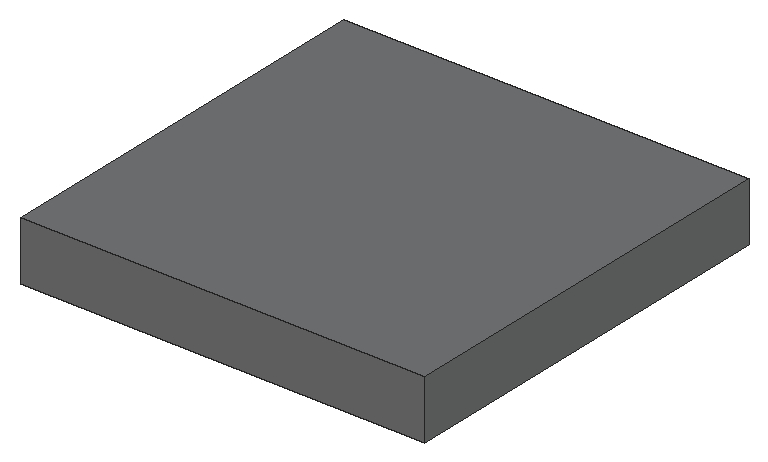
Revit family "Gira_028428", category Electrical Fixtures, host Face, Revit 2017
Family settings
  Host = Face
  Maintain Annotation Orientation = No
  Round Connector Dimension = Use Diameter
  Part Type = Normal
  Cut with Voids When Loaded = No
  Shared = No
  Room Calculation Point = No
Parameters (values of type "Cov. in.sp. UAE/IAE network conn.box System 55 anthra.")
  URL = "http://katalog.gira.de/en/datenblatt.html?artikelnr=028428"
  Transparent = "No"
  Name = "Cov. in.sp. UAE/IAE network conn.box System 55 anthra."
  Manufacturer URL = "https://www.gira.de/"
  Manufacturer = "Gira"
  Keynote = ""
  HeinzeBIM = "https://bimportal.heinze.de/bim/cov-in-sp-uae-iae-network-conn-box-system-55-anthra-/2dd3516e253176a3cf78d5be2bfd8060c945d5ce"
  HAN = "028428"
  GTIN = "4010337284284"
  Description = "Cov.in.sp.UAE IAE network Sys55 AN,Cover for UAE IAE (ISDN) and network connection box,with inscription space,anthracite,Features:,- Cover plate can be broken out.,,Notes :,- Suitable for UAE IAE (ISDN) connection boxes."
  Default Elevation = 1219.2 mm
  Data sheet (1) = "https://katalog.gira.de/en/download.html?artikelnr=028428"
  Category = "Insert/cover for communication technology"
  BIM (1) = "https://media.stage.bim.site/public/gira/36a6b08/Sys55_Abdeckung_Schalten und Tasten.rfa?public/gira/36a6b08/Sys55_Abdeckung_Schalten und Tasten.rfa"
  Available = "No"
  Anthrazit [instance] = Anthrazit
Reference planes
  plane 1 "Center (Front/Back)": y = 0
  plane 2: z = 0
  plane 3 "Center (Left/Right)": x = 0
Forms (mm)
  Extrusion 1, solid, material "Anthrazit" <- "Anthrazit", detail levels fine
    sketch origin (0, 0, 0) x (1, 0, 0) y (0, 1, 0)
      loop
        line (-27.5, 27.5) -> (-27.5, -27.5) -> (27.5, -27.5) -> (27.5, 27.5) -> (-27.5, 27.5)
    from 0 to 8
  Extrusion 2, void
    sketch origin (0, 0, 0) x (1, 0, 0) y (0, 1, 0)
      loop
        line (26, 26) -> (-26, 26) -> (-26, -26) -> (26, -26) -> (26, 26)
    from 0 to 6
  Extrusion 3, solid, material "Anthrazit" <- "Anthrazit", detail levels medium
    sketch origin (0, 0, 0) x (1, 0, 0) y (0, 1, 0)
      loop
        line (-27.5, 27.5) -> (-27.5, -27.5) -> (27.5, -27.5) -> (27.5, 27.5) -> (-27.5, 27.5)
    from 0 to 8
  Extrusion 4, solid, material "Anthrazit" <- "Anthrazit", detail levels medium
    sketch origin (0, 0, 0) x (1, 0, 0) y (0, 1, 0)
      loop
        line (11, -17.5) -> (11, 17.5) -> (-11, 17.5) -> (-11, -17.5) -> (11, -17.5)
    from -6 to 6
  Extrusion 5, solid, material "Anthrazit" <- "Anthrazit", detail levels fine
    sketch origin (0, 0, 0) x (1, 0, 0) y (0, 1, 0)
      loop
        line (11, 17.5) -> (-11, 17.5) -> (-11, 16.5) -> (11, 16.5) -> (11, 17.5)
      loop
        line (-11, -16.5) -> (-11, -17.5) -> (11, -17.5) -> (11, -16.5) -> (-11, -16.5)
    from -4 to 6
  Extrusion 6, solid, material "Anthrazit" <- "Anthrazit", detail levels fine
    sketch origin (0, 0, 0) x (1, 0, 0) y (0, 1, 0)
      loop
        arc (5, 9.347) -> (0, 10.6) -> (-5, 9.347) r 10.6
        line (-5, 9.347) -> (-5, -9.347)
        arc (-5, -9.347) -> (0, -10.6) -> (5, -9.347) r 10.6
        line (5, -9.347) -> (5, 9.347)
    from -6 to 6
  Extrusion 7, solid, material "Anthrazit" <- "Anthrazit", detail levels coarse
    sketch origin (0, 0, 0) x (1, 0, 0) y (0, 1, 0)
      loop
        line (-27.5, 27.5) -> (-27.5, -27.5) -> (27.5, -27.5) -> (27.5, 27.5) -> (-27.5, 27.5)
    from -6 to 8
Cuts and joins
  Extrusion 2 cuts Extrusion 1
Dimensions and locks
  aligned and locked: plane 2 to host face
  aligned and locked: level to host face
